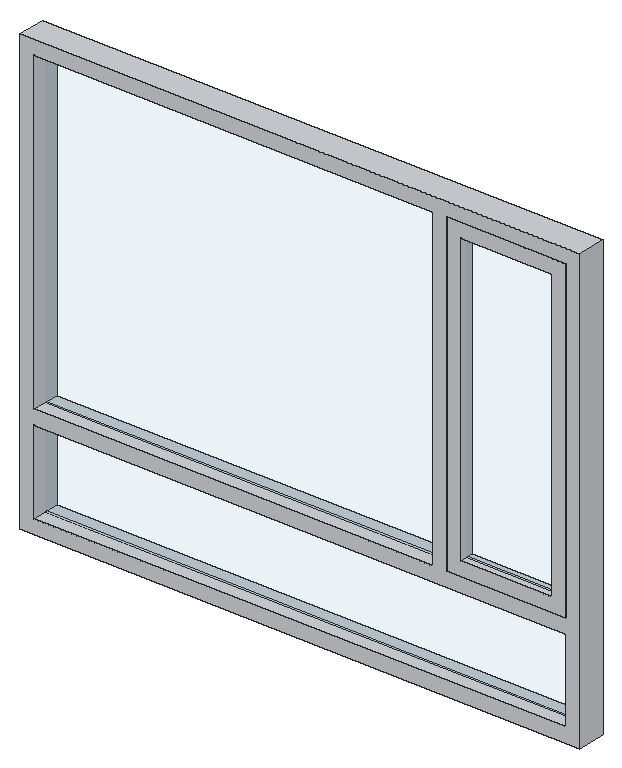
Revit family "W2_鋁窗", category 窗, Revit 2014
Parameters (values of type "240 x 190 cm")
  熱阻 (R) = 0.271106 (m²·K)/W
  Visual Light Transmittance = 0.9
  Solar Heat Gain Coefficient = 0.78
  營造類型 Id = "GSP4R"
  Height = 1900 mm
  傳熱係數 (U) = 3.6886 W/(m²·K)
  預設窗台高度 = 450 mm
  關鍵註記 = "固定窗-矩形"
  Rough Height = Height  # 1900 mm
  Rough Width = Width  # 2400 mm
  玻璃材質 = 玻璃
  牆封閉 = 依主體
  Width = 2400 mm
  裝飾外框材料 = none
  裝飾外框寬度 = 60 mm
  裝飾外框厚度 = 60 mm
  解析營造 = "1/8 英吋 Pilkington 單層鑲嵌玻璃"
Reference planes
  plane 1: y = 0
  plane 2 "中心 (左/右)": x = 0
  plane 3 "左": x = -1200
  plane 4 "右": x = 1200
  plane 5 "窗台": z = 450
  plane 6 "標頭": z = 2350
  plane 7 "外部": y = 75
  plane 8 "內部": y = -75
  plane 9: z = 900
  plane 10: x = 600
Forms (mm)
  Extrusion 1, solid, material <- "裝飾外框材料"
    sketch origin (-5000, 0, 0) x (1, 0, 0) y (0, 0, 1)
      loop
        line (6200, 2350) -> (3800, 2350) -> (3800, 450) -> (6200, 450) -> (6200, 2350)
      loop
        line (6140, 2290) -> (5630, 2290) -> (5630, 930) -> (6140, 930) -> (6140, 2290)
      loop
        line (6140, 510) -> (6140, 870) -> (3860, 870) -> (3860, 510) -> (6140, 510)
      loop
        line (3860, 2290) -> (3860, 930) -> (5570, 930) -> (5570, 2290) -> (3860, 2290)
    from -60 to 60
  Extrusion 2, solid, material "玻璃" <- "玻璃材質"
    sketch origin (-5000, 0, 0) x (1, 0, 0) y (0, 0, 1)
      loop
        line (5570, 2290) -> (3860, 2290) -> (3860, 930) -> (5570, 930) -> (5570, 2290)
      loop
        line (3860, 870) -> (3860, 510) -> (6140, 510) -> (6140, 870) -> (3860, 870)
    from -5 to 5
Lines and regions (mm)
  Opening 1
    outline origin (3500, -75, 0) x (1, 0, 0) y (0, 0, 1)
      loop
        line (-2300, 450) -> (-2300, 2350) -> (-4700, 2350) -> (-4700, 450) -> (-2300, 450)
  symbolic lines, style "立面圖打開方向"
    curve 1: line (630, 0, 2290) -> (1140, 0, 1610)
    curve 2: line (1140, 0, 1610) -> (630, 0, 930)
Text (mm)
  text "外部" at (-1963.203, 1332.353, 0), in view "參考樓層"
  text "內部" at (-1981.466, -818.386, 0), in view "參考樓層"
  text "外部" at (0, 923.751, 2943.296), in view "右"
  text "外部" at (0, 1040.484, 2685.409), in view "左"
Dimensions and locks
  equal spacing: plane 3 "左", plane 2 "中心 (左/右)", plane 4 "右"
  "Width": plane 3 "左" to plane 4 "右"
  "Height": plane 5 "窗台" to plane 6 "標頭"
  "預設窗台高度": plane 5 "窗台" to level
  locked: plane 7 "外部" to host wall at 0
  locked: plane 8 "內部" to host wall
  locked: plane 5 "窗台" to plane 9 at 450
  locked: plane 4 "右" to plane 10 at 600
  aligned and locked: nested 1 to Extrusion 1  (x2)
  aligned and locked: Extrusion 1 to curve 1
  aligned and locked: curve 1 to Extrusion 1
Automatic sketch dimensions
  Opening 1 sketch curve to plane 3 "左" = 0 mm
  Opening 1 sketch curve to plane 4 "右" = 0 mm
  Opening 1 sketch curve to plane 5 "窗台" = 0 mm
  Opening 1 sketch curve to plane 6 "標頭" = 0 mm
  plane 3 "左" to Extrusion 1 sketch curve = 0 mm
  plane 4 "右" to Extrusion 1 sketch curve = 0 mm
  Extrusion 1 sketch curve to plane 5 "窗台" = 0 mm
  Extrusion 1 sketch curve to plane 6 "標頭" = 0 mm
  Extrusion 1 sketch curve to plane 3 "左" = 60 mm  (x2)
  plane 4 "右" to Extrusion 1 sketch curve = 60 mm  (x2)
  Extrusion 1 sketch curve to plane 5 "窗台" = 60 mm
  plane 6 "標頭" to Extrusion 1 sketch curve = 60 mm  (x2)
  Extrusion 1 sketch curve to plane 10 = 30 mm
  plane 9 to Extrusion 1 sketch curve = 30 mm  (x2)
  Extrusion 1 sketch curve to plane 9 = 30 mm
  plane 10 to Extrusion 1 sketch curve = 30 mm
  plane 4 "右" to Extrusion 2 sketch curve = 60 mm
  Extrusion 2 sketch curve to plane 5 "窗台" = 60 mm
  Extrusion 2 sketch curve to plane 10 = 30 mm
  Extrusion 2 sketch curve to plane 3 "左" = 60 mm  (x2)
  Extrusion 2 sketch curve to plane 9 = 30 mm
  plane 9 to Extrusion 2 sketch curve = 30 mm
  plane 6 "標頭" to Extrusion 2 sketch curve = 60 mm
  plane 9 to curve 1 = 710 mm
  plane 10 to curve 2 = 30 mm
  plane 9 to curve 2 = 30 mm
  plane 6 "標頭" to curve 1 = 60 mm
Nested families
  nested 1: "窗框" at (617.572, 919.367, -70), type "窗框"
    with Height 1360 mm, Width 510 mm
Definition of nested family "窗框"
  Parameters (values of type "窗框")
    Height [instance] = 500 mm
    護桿寬度 = 20 mm
    護桿厚度 = 10 mm
    Rough Height = 500 mm
    Rough Width = 600 mm
    Width [instance] = 600 mm
    裝飾外框材料 = none
    玻璃材質 = none
    玻璃厚度 = 10 mm
    裝飾外框寬度 = 60 mm
    裝飾外框厚度 = 60 mm
    Assembly Code = ""
  Reference planes
    plane 1 "中心 (前/後)": y = -919.367
    plane 2: z = 0
    plane 3 "中心 (左/右)": x = 267.428
    plane 4 "玻璃-上": y = -944.367
    plane 5 "玻璃-下": y = -954.367
    plane 6: y = -979.367
    plane 7: x = -32.572
    plane 8: x = 567.428
    plane 9: x = 27.428
    plane 10: x = 507.428
    plane 11: z = 1440
    plane 12: z = 1500
    plane 13: z = 1060
    plane 14: z = 1000
    plane 15: y = -949.367
  Forms (mm)
    Extrusion 1, solid, material <- "玻璃材質"
      sketch origin (-1499.274, -949.367, 1200) x (-1, 0, 0) y (0, 0, 1)
        loop
          line (-1526.702, 240) -> (-2006.702, 240) -> (-2006.702, -140) -> (-1526.702, -140) -> (-1526.702, 240)
      from -5 to 5
    Extrusion 2, solid, material <- "裝飾外框材料"
      sketch origin (-1499.274, -949.367, 1200) x (-1, 0, 0) y (0, 0, 1)
        loop
          line (-1466.702, 300) -> (-2066.702, 300) -> (-2066.702, -200) -> (-1466.702, -200) -> (-1466.702, 300)
        loop
          line (-1526.702, 240) -> (-2006.702, 240) -> (-2006.702, -140) -> (-1526.702, -140) -> (-1526.702, 240)
      from -30 to 30
  Dimensions and locks
    equal spacing: plane 10, plane 3 "中心 (左/右)", plane 9
    "裝飾外框寬度": plane 8 to plane 10
    "裝飾外框寬度": plane 9 to plane 7
    "裝飾外框寬度": plane 12 to plane 11
    "Width": plane 8 to plane 7
    "裝飾外框寬度": plane 13 to plane 14
    "Height": plane 12 to plane 14
    plane 14 to level = 1000 mm
    equal spacing: plane 4 "玻璃-上", plane 15, plane 5 "玻璃-下"
    "玻璃厚度": plane 4 "玻璃-上" to plane 5 "玻璃-下"
    equal spacing: plane 6, plane 15, plane 1 "中心 (前/後)"
    "裝飾外框厚度": plane 6 to plane 1 "中心 (前/後)"
    aligned and locked: Extrusion 1 sketch curve to plane 11
    aligned and locked: plane 9 to Extrusion 1 sketch curve
    aligned and locked: Extrusion 1 sketch curve to plane 10
    aligned and locked: plane 13 to Extrusion 1 sketch curve
    aligned and locked: plane 7 to Extrusion 2 sketch curve
    aligned and locked: Extrusion 2 sketch curve to plane 12
    aligned and locked: Extrusion 2 sketch curve to plane 8
    aligned and locked: plane 9 to Extrusion 2 sketch curve
    aligned and locked: plane 13 to Extrusion 2 sketch curve
    aligned and locked: Extrusion 2 sketch curve to plane 10
    aligned and locked: Extrusion 2 sketch curve to plane 11
    aligned and locked: Extrusion 2 sketch curve to plane 14
    aligned and locked: plane 2 to level
    aligned and locked: plane 6 to Extrusion 2
    aligned and locked: plane 1 "中心 (前/後)" to Extrusion 2
    aligned and locked: plane 5 "玻璃-下" to Extrusion 1
    aligned and locked: plane 4 "玻璃-上" to Extrusion 1
